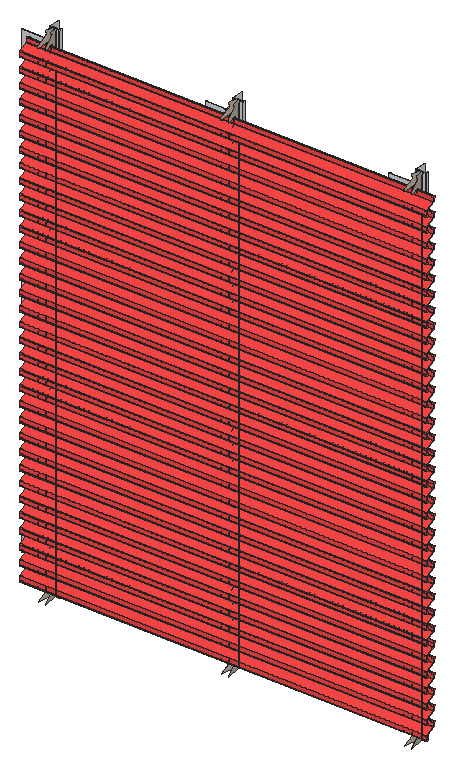
Revit family "HD002-2015.01.12-BT-Conjunto Celosia 70S", category Generic Models, Revit 2016 (continued)
Definition of nested family "Perfil Mullion Estandar"
  Definition of nested family "Soporte Anclaje"
    Automatic sketch dimensions
      plane 1 "Center (Front/Back)" to Extrusion 1 sketch curve = 0 mm
      Extrusion 1 sketch curve to plane 3 "Center (Left/Right)" = 0 mm
      Extrusion 1 sketch curve to plane 3 "Center (Left/Right)" = 4.216 mm
      radius of Extrusion 3 sketch curve = 5.5 mm
